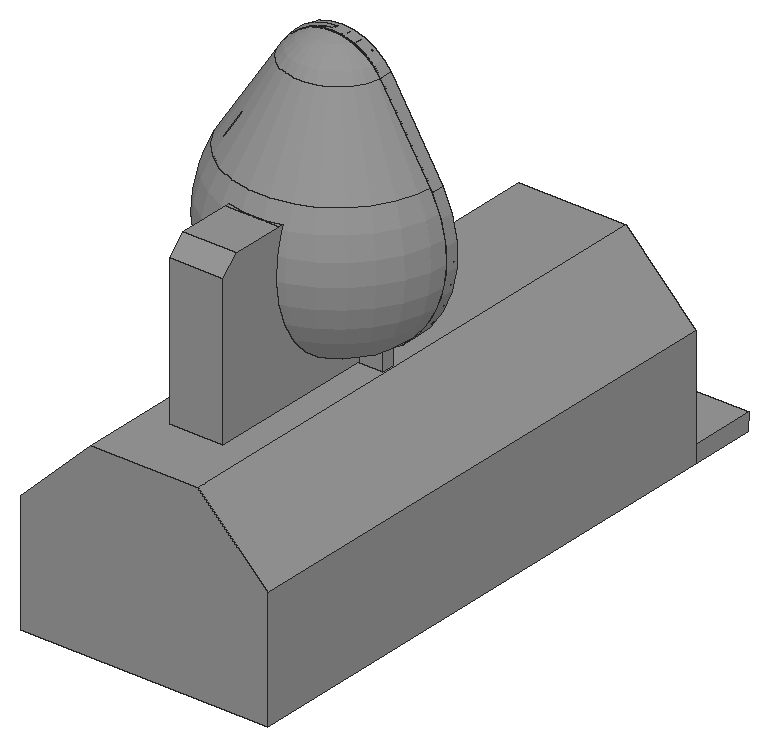
Revit family "Combination-Willoughby-ECW-1546-C-ON", category Plumbing Fixtures, Revit 2015
Parameters (values of type "Standard")
  Waste DIA = 2 3/8"
  Waste Connection = yes
  Vent Connection = no
  URL = "https://www.willoughby-ind.com/wp-content/uploads/2017/05/1546.pdf"
  Revision = "A"
  Model = "ECW-1546-C-ON"
  Manufacturer = "Willoughby Industries"
  Lav Waste DIA = 1 1/2"
  Lav Waste Connection = yes
  HW Connection = no
  Flush Inlet DIA = 1 1/2"
  Flush Inlet Connection = yes
  Fixture Body = Stainless Steel AISI 304-Willoughby
  Description = "1546 Combination Unit, Wall toilet waste outlet, Center toilet, On Floor mounted"
  Default Elevation = 0' - 0"
  Contact = "(800) 428-4065"
  CW Connection = no
Reference planes (in)
  plane 1 "Center (Front/Back)": y = 0
  plane 2: z = 0
  plane 3 "Center (Left/Right)": x = 0
  plane 4: z = 11.5
  plane 5: z = 6.5
  plane 6: through (4.45954, 0, 8.54046) normal (0.7071, 0, -0.7071)
  plane 7: through (7.5, 0, 7.25) normal (0.7071, 0, -0.7071)
  plane 8: through (3.25, 0, 11.5) normal (0.7071, 0, -0.7071)
  plane 9: through (-5.375, 0, 9.375) normal (0.7071, 0, 0.7071)
  plane 10: z = 27.72584
  plane 11: z = 32.60084
  plane 12: x = 3
  plane 13: x = -3
  plane 14: x = 3.09375
  plane 15: x = -3.09375
  plane 16: z = -3
Forms (in)
  Extrusion 1, solid, material "Stainless Steel AISI 304-Willoughby" <- "Fixture Body"
    sketch origin (0, 0, 5.25723) x (1, 0, 0) y (0, 0, 1)
      loop
        line (7.5, 7.25) -> (3.25, 11.5) -> (-3.25, 11.5) -> (-7.5, 7.25) -> (-7.5, 0) -> (7.5, 0) -> (7.5, 7.25)
    from -12.5 to 20
  Extrusion 2, solid, material "Stainless Steel AISI 304-Willoughby" <- "Fixture Body"
    sketch origin (0, 0, 5.25723) x (0, 1, 0) y (0, 0, 1)
      loop
        line (12.5, 0) -> (16.5, 0) -> (16.5, 1.0625) -> (12.5, 1.0625) -> (12.5, 0)
    from 7.5 to -7.5
  Extrusion 3, void
    sketch origin (0, 0, 5.25723) x (1, 0, 0) y (0, 0, 1)
      loop
        line (6.02576, 6.97424) -> (2.89332, 10.10668)
        arc (2.89332, 10.10668) -> (2.45766, 10.39778) -> (1.94376, 10.5) r 1.34289
        line (1.94376, 10.5) -> (0, 10.5) -> (-1.94376, 10.5)
        arc (-1.94376, 10.5) -> (-2.45766, 10.39778) -> (-2.89332, 10.10668) r 1.34289
        line (-2.89332, 10.10668) -> (-6.02576, 6.97424)
        arc (-6.02576, 6.97424) -> (-6.41304, 6.18891) -> (-6.24222, 5.33011) r 1.36204
        line (-6.24222, 5.33011) -> (-4.64434, 2.5625)
        arc (-4.64434, 2.5625) -> (-4.46132, 2.37949) -> (-4.21132, 2.3125) r 0.5
        line (-4.21132, 2.3125) -> (0, 2.3125) -> (4.21132, 2.3125)
        arc (4.21132, 2.3125) -> (4.46132, 2.37949) -> (4.64434, 2.5625) r 0.5
        line (4.64434, 2.5625) -> (6.24222, 5.33011)
        arc (6.24222, 5.33011) -> (6.41304, 6.18891) -> (6.02576, 6.97424) r 1.36204
    from -12.5 to -6.31358
  Revolve 4, solid, material "Stainless Steel AISI 304-Willoughby" <- "Fixture Body"
    sketch origin (0, 4.25, -6.74277) x (0, 0, -1) y (-1, 0, 0)
      loop
        line (-8.98554, 0) -> (-14, 0) -> (-14, -0.75) -> (-8.98554, -0.75) -> (-8.98554, 0)
      axis (-14, 0) -> (-8.98554, 0)
    angle from 0 to 360
  Revolve 5, solid, material "Stainless Steel AISI 304-Willoughby" <- "Fixture Body"
    sketch origin (1, -8.5, -3.07353) x (0, 0, -1) y (-1, 0, 0)
      loop
        line (-10.39326, 1) -> (-5.3163, 1) -> (-5.3163, 2.1875) -> (-10.39326, 2.1875) -> (-10.39326, 1)
      axis (-10.39326, 1) -> (-5.3163, 1)
    angle from 0 to 360
  Revolve 6, solid, material "Stainless Steel AISI 304-Willoughby" <- "Fixture Body"
    sketch origin (9.75, 0.5, -3.07353) x (0, 0, -1) y (-1, 0, 0)
      loop
        line (-8.31514, 4.875) -> (-8.31514, 5.625) -> (-9.83076, 5.625) -> (-9.83076, 4.875) -> (-8.31514, 4.875)
      axis (-9.83076, 4.875) -> (-8.31514, 4.875)
    angle from 0 to 360
  Revolve 7, solid, material "Stainless Steel AISI 304-Willoughby" <- "Fixture Body"
    sketch origin (0, -5.25, 11.46709) x (0, 0, -1) y (-1, 0, 0)
      loop
        arc (-16.25875, -6.02566) -> (-9.22764, -6.08019) -> (-5.69625, 0) r 7
        line (-5.69625, 0) -> (-6.19625, 0)
        arc (-6.19625, 0) -> (-9.4731, -5.64458) -> (-15.99973, -5.59794) r 6.5
        line (-15.99973, -5.59794) -> (-20.8721, -2.57392)
        arc (-20.8721, -2.57392) -> (-21.91777, -1.47245) -> (-22.28998, 0) r 3
        line (-22.28998, 0) -> (-22.79, 0)
        arc (-22.79, 0) -> (-22.35472, -1.71553) -> (-21.13577, -2.99875) r 3.5
        line (-21.13577, -2.99875) -> (-16.25875, -6.02566)
      axis (-22.79, 0) -> (-5.69625, 0)
    angle from 0 to 180
  Extrusion 8, solid, material "Stainless Steel AISI 304-Willoughby" <- "Fixture Body"
    sketch origin (0.03125, -5.25, 12.32197) x (0, 0, -1) y (-1, 0, 0)
      loop
        arc (-15.24246, -6.11221) -> (-9.73766, -6.67673) -> (-5.54733, -3.0625) r 6.99024
        line (-5.54733, -3.0625) -> (-4.43526, -3.0625) -> (-4.43526, 3.125) -> (-5.57834, 3.125)
        arc (-5.57834, 3.125) -> (-9.84204, 6.70838) -> (-15.37045, 6.03277) r 6.98205
        line (-15.37045, 6.03277) -> (-20.3404, 2.94819)
        arc (-20.3404, 2.94819) -> (-21.93526, 0) -> (-20.3404, -2.94819) r 3.52237
        line (-20.3404, -2.94819) -> (-15.24246, -6.11221)
      loop
        line (-19.27476, -1.63051) -> (-13.98004, -3.88749)
        arc (-13.98004, -3.88749) -> (-7.08169, 0) -> (-13.98004, 3.88749) r 4.54455
        line (-13.98004, 3.88749) -> (-19.27476, 1.63051)
        arc (-19.27476, 1.63051) -> (-20.15493, 0) -> (-19.27476, -1.63051) r 1.95034
    from 0.25 to -0.5
  Extrusion 9, solid, material "Stainless Steel AISI 304-Willoughby" <- "Fixture Body"
    sketch origin (0, -5, 15.65274) x (0, 1, 0) y (0, 0, 1)
      loop
        line (-6.74564, 11.11058) -> (-9.99564, 11.11058) -> (-11, 10.10622) -> (-11, 1.10449) -> (-0.75, 1.10449) -> (-0.75, 1.86803)
        arc (-0.75, 1.86803) -> (-5.87123, 5.08059) -> (-6.30349, 11.11058) r 6.68108
        line (-6.30349, 11.11058) -> (-6.74564, 11.11058)
    from 1.625 to -1.625
Cuts and joins
  Extrusion 3 cuts Extrusion 1
Lines and regions (in)
  symbolic lines
    curve 1: line (7.5, 0, 0) -> (7.5, 0, 7.25)
    curve 2: line (7.5, 0, 7.25) -> (3.25, 0, 11.5)
    curve 3: line (3.25, 0, 11.5) -> (-3.25, 0, 11.5)
    curve 4: line (-3.25, 0, 11.5) -> (-7.5, 0, 7.25)
    curve 5: line (-7.5, 0, 7.25) -> (-7.5, 0, 0)
    curve 6: line (-7.5, 0, 0) -> (7.5, 0, 0)
    curve 25: line (0, -20, 0) -> (0, 16.5, 0)
    curve 26: line (0, 16.5, 0) -> (0, 16.5, 1.0625)
    curve 27: line (0, 16.5, 1.0625) -> (0, 12.5, 1.0625)
    curve 28: line (0, 12.5, 1.0625) -> (0, 12.5, 11.5)
    curve 29: line (0, 12.5, 11.5) -> (0, -20, 11.5)
    curve 30: line (0, -20, 11.5) -> (0, -20, 0)
    curve 31: line (0, -5.75, 13) -> (0, -5.75, 11.5)
    curve 32: line (0, -5, 11.5) -> (0, -5, 30.07)
    curve 33: line (0, -5, 30.07) -> (0, -5.75, 30.07)
    curve 34: line (0, -8.5, 28.07) -> (0, -11.27566, 23.53858)
    curve 35: line (0, -11.74564, 22.57606) -> (0, -14.99564, 22.57606)
    curve 36: line (0, -14.99564, 22.57606) -> (0, -16, 21.5717)
    curve 37: line (0, -16, 21.5717) -> (0, -16, 11.5)
    curve 38: arc (0, -5.75, 30.07) -> (0, -7.36826, 29.40449) -> (0, -8.5, 28.07) r 3.70137
    curve 39: arc (0, -11.27566, 23.53858) -> (0, -11.53361, 23.06853) -> (0, -11.74564, 22.57606) r 5.62496
    curve 40: arc (0, -11.74564, 22.57606) -> (0, -11.18953, 16.25926) -> (0, -5.75, 13) r 6.97915
  symbolic lines, detail levels medium+fine
    curve 7: line (7.5, 0, 1.0625) -> (-7.5, 0, 1.0625)
  symbolic lines, detail levels fine
    curve 8: line (4.64434, 0, 2.5625) -> (6.24222, 0, 5.33011)
    curve 9: line (6.02576, 0, 6.97424) -> (2.89332, 0, 10.10668)
    curve 10: line (1.94376, 0, 10.5) -> (-1.94376, 0, 10.5)
    curve 11: line (-2.89332, 0, 10.10668) -> (-6.02576, 0, 6.97424)
    curve 12: line (-6.24222, 0, 5.33011) -> (-4.64434, 0, 2.5625)
    curve 13: line (-4.21132, 0, 2.3125) -> (4.21132, 0, 2.3125)
    curve 14: arc (4.21132, 0, 2.3125) -> (4.46132, 0, 2.37949) -> (4.64434, 0, 2.5625) r 0.5
    curve 15: arc (6.24222, 0, 5.33011) -> (6.41304, 0, 6.18891) -> (6.02576, 0, 6.97424) r 1.36204
    curve 16: arc (2.89332, 0, 10.10668) -> (2.45766, 0, 10.39778) -> (1.94376, 0, 10.5) r 1.34289
    curve 17: arc (-1.94376, 0, 10.5) -> (-2.45766, 0, 10.39778) -> (-2.89332, 0, 10.10668) r 1.34289
    curve 18: arc (-6.02576, 0, 6.97424) -> (-6.41304, 0, 6.18891) -> (-6.24222, 0, 5.33011) r 1.36204
    curve 19: arc (3.91874, 0, 22.11478) -> (0.03125, 0, 15.21643) -> (-3.85624, 0, 22.11478) r 4.54455
    curve 20: arc (1.82971, 0, 27.0939) -> (1.1111, 0, 27.96345) -> (0.03125, 0, 28.28967) r 1.95034
    curve 21: arc (0.03125, 0, 28.28967) -> (-0.89521, 0, 28.05558) -> (-1.59926, 0, 27.4095) r 1.95034
    curve 22: line (3.91874, 0, 22.11478) -> (1.82971, 0, 27.0939)
    curve 23: line (-1.59926, 0, 27.4095) -> (-3.85624, 0, 22.11478)
    curve 24: arc (-4.21132, 0, 2.3125) -> (-4.46132, 0, 2.37949) -> (-4.64434, 0, 2.5625) r 0.5
Dimensions and locks (in)
  level to plane 4 = 0' - 11 1/2"
  level to plane 5 = 0' - 6 1/2"
  plane 4 to level = 0' - 11 1/2"
  plane 12 to plane 13 = 0' - 6"
  aligned and locked: Extrusion 8 to Extrusion 9
  aligned and locked: Extrusion 1 to Extrusion 8
  aligned and locked: Extrusion 1 to Extrusion 3
  aligned and locked: Extrusion 1 to Extrusion 2
  aligned and locked: Revolve 4 sketch curve to Revolve 5
  aligned and locked: Revolve 4 sketch curve to Revolve 4 sketch curve  (x2)
Connectors (in)
  piping at (0, 4.25, 2.24277), diameter 1.5, driven by "Lav Waste DIA", driven by "Lav Waste Connection"
    settings: on Revolve 4, index 1, connector inside diameter 24", connector length 0' - 0", flow factor 0, pipe flow 0 GPM, pressure drop 0.00 psi, fitting loss kfactor 0, connector angle 0.00°, fixture units 0, engagement length 0' - 0", angle of deflection 0.00°, flow configuration 0, flow direction 2, fitting loss method 0, system type 16, joint type 0, gender type 0, connector reference index -1, connector utility 1, adjustable connector no, is connector primary yes, connector description "Sink Drain"
  piping at (4.875, 0.5, 5.24161), diameter 1.5, driven by "Flush Inlet DIA", driven by "Flush Inlet Connection"
    settings: on Revolve 6, index 2, connector inside diameter 24", connector length 0' - 0", flow factor 0, pipe flow 0 GPM, pressure drop 0.00 psi, fitting loss kfactor 0, connector angle 0.00°, fixture units 0, engagement length 0' - 0", angle of deflection 0.00°, flow configuration 0, flow direction 1, fitting loss method 0, system type 20, joint type 0, gender type 0, connector reference index -1, connector utility 1, adjustable connector no, is connector primary no, connector description "Flush Inlet"
  piping at (0, -8.5, 2.24277), diameter 2.375, driven by "Waste Connection", driven by "Waste DIA"
    settings: on Revolve 5, index 3, connector inside diameter 24", connector length 0' - 0", flow factor 0, pipe flow 0 GPM, pressure drop 0.00 psi, fitting loss kfactor 0, connector angle 0.00°, fixture units 0, engagement length 0' - 0", angle of deflection 0.00°, flow configuration 0, flow direction 2, fitting loss method 0, system type 16, joint type 0, gender type 0, connector reference index -1, connector utility 1, adjustable connector no, is connector primary no, connector description "Toilet Waste"
